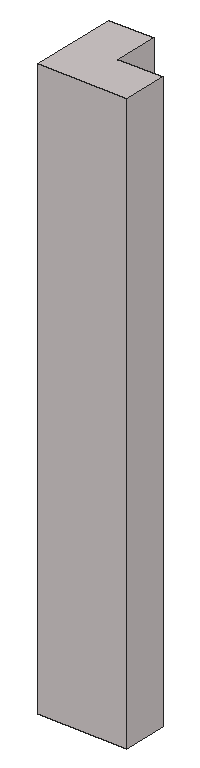
Revit family
Parameters (values of type "460 x 230 mm")
  Depth 2- = 230 mm
  Depth 1- = 460 mm
  Width = 460 mm
  Column Material = RCC
Reference planes
  plane 1 "Center (Front/Back)": y = 0
  plane 2: z = 0
  plane 3 "Center (Left/Right)": x = 0
  plane 4 "Left": x = -230
  plane 5 "Right": x = 230
  plane 6 "Back": y = 230
  plane 7 "Front": y = -230
Forms (mm)
  Extrusion 1, solid, material "RCC" <- "Column Material"
    sketch origin (0, 0, 0) x (1, 0, 0) y (0, 1, 0)
      loop
        line (-230, -230) -> (230, -230) -> (230, 0) -> (0, 0) -> (0, 230) -> (-230, 230) -> (-230, -230)
    from 0 to 3000
Lines and regions (mm)
  symbolic lines, style "Columns"
    curve 1: line (-230, -230, 0) -> (-230, 230, 0)
    curve 2: line (-230, 230, 0) -> (0, 230, 0)
    curve 3: line (0, 230, 0) -> (0, 0, 0)
    curve 4: line (0, 0, 0) -> (230, 0, 0)
    curve 5: line (230, 0, 0) -> (230, -230, 0)
    curve 6: line (230, -230, 0) -> (-230, -230, 0)
Dimensions and locks
  "Width": plane 4 "Left" to plane 5 "Right"
  "Depth 1-": plane 7 "Front" to plane 6 "Back"
  "Depth 2-": plane 4 "Left" to plane 3 "Center (Left/Right)"
  "Depth 2-": plane 7 "Front" to plane 1 "Center (Front/Back)"
  aligned and locked: level to Extrusion 1
Automatic sketch dimensions
  Extrusion 1 sketch curve to plane 4 "Left" = 0 mm
  Extrusion 1 sketch curve to plane 1 "Center (Front/Back)" = 0 mm
  Extrusion 1 sketch curve to plane 3 "Center (Left/Right)" = 0 mm
  Extrusion 1 sketch curve to plane 5 "Right" = 0 mm
  Extrusion 1 sketch curve to plane 7 "Front" = 0 mm
  Extrusion 1 sketch curve to plane 6 "Back" = 0 mm
  curve 1 to plane 4 "Left" = 0 mm
  curve 3 to plane 1 "Center (Front/Back)" = 0 mm
  curve 3 to plane 3 "Center (Left/Right)" = 0 mm
  curve 5 to plane 5 "Right" = 0 mm
  curve 1 to plane 7 "Front" = 0 mm
  curve 2 to plane 6 "Back" = 0 mm
